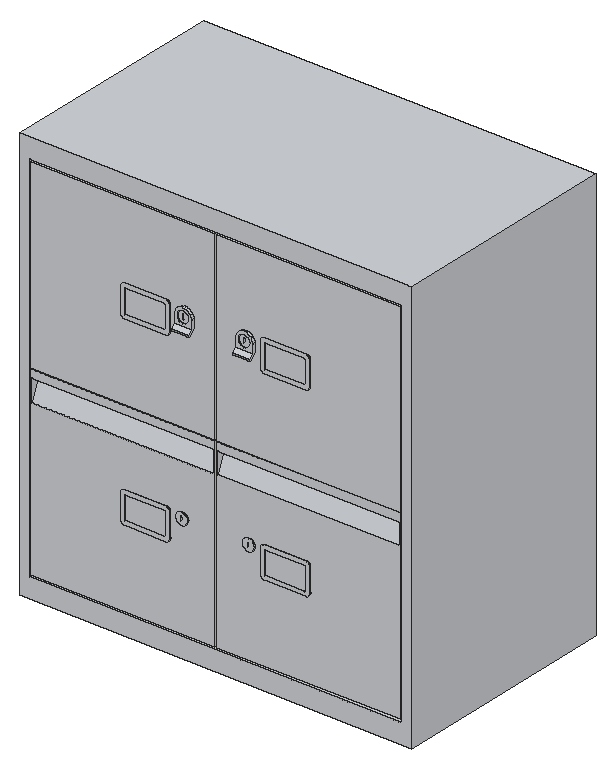
Revit family "Lodges 800 wide", category Furniture, Revit 2018
Family settings
  OmniClass Number = 23.40.20.00
  OmniClass Title = General Furniture and Specialties
  Work Plane-Based = No
  Always vertical = Yes
  Cut with Voids When Loaded = No
  Shared = No
  Room Calculation Point = No
Parameters (values of type "L0824SABXSPXP")
  Width = 800 mm  # constant formula
  Weight = ""
  Warranty = "10 years from date of purchase"  # constant formula
  Uniclass2015Version = "V1.1"  # constant formula
  Uniclass2015Title = "78 - Shelves and Storage Units"  # constant formula
  Uniclass 2015 Code = "PR_40_30_78_48"  # constant formula
  URL = "www.bisley.com"
  Training Requirements for Operational Use = "N/A"  # constant formula
  Top Panel Height = 40 mm
  Tollerance = 3 mm
  Routine Maintenance = "We recommend you clean your unit with worm water and mild dtergent solution. A damp cloth can be used to remove dust particles."  # constant formula
  Revision = ""
  Range = "Lateralfile Lodges"  # constant formula
  Product Information = ""
  Outer Panels Width = 20 mm
  NamePlate_Material = Plastic
  Model Reference = "L0824SABXSPXP"
  Model = Model Reference  # "L0824SABXSPXP"
  Mid gaps = 3 mm
  Material = "Steel"  # constant formula
  Manufacturer = "Bisley"  # constant formula
  Lock_Material = Steel AISI 4620
  Height = 845 mm
  Finish = "Powder Coated"  # constant formula
  Expected Life = "15 Years"  # constant formula
  Drawers = yes
  Drawer_Material = Steel, Mild
  Door_Material = Steel, Mild
  Door 9 = yes
  Door Height 3 = 377 mm
  Door Height 2 = 377 mm
  Door Height 1 = 377 mm
  Door 8 = no
  Door 7 = no
  Door 6 = no
  Door 5 = no
  Door 4 = no
  Door 3 = no
  Door 2 = no
  Door 10 = yes
  Door 1 = no
  Dimensions = "845 x 800 x 470mm"
  Depth = 470 mm
  D Door 4 = no
  D Door 3 = no
  D Door 2 = no
  D Door 1 = no
  Compliance Standards Certification = "BS EN 14073 2004 Part 2 & 3, BS EN 14074, BS 4875 1998 Part 7 level 4 & Part 8, BS 476 Part 7 1987 Class 2Y"  # constant formula
  Central Bar thickness = 22 mm  # constant formula
  Central Bar Width = 20 mm  # constant formula
  Central BAr = 3 mm  # constant formula
  Category = "Lateralfile Lodges"  # constant formula
  Carcass_Material = Steel, Mild
  Bottom Gap = 5 mm
  Base Panel Height = 40 mm
  Bar 3 = no
  Bar 2 = no
  Bar 1 = no
  Bar 0 = yes
  Author = "Bisley"  # constant formula
Types (14, lengths in mm): name | URL | Top Panel Height | Tollerance | Model Reference | Model | Height | Drawers | Door 9 | Door 8 | Door 7 | Door 6 | Door 5 | Door 4 | Door 3 | Door 2 | Door 10 | Door 1 | Dimensions | D Door 4 | D Door 3 | D Door 2 | D Door 1 | Bottom Gap | Base Panel Height | Bar 3 | Bar 2 | Bar 1 | Bar 0
  (no name) | "www.bisley.com" | 40 | 3 | "L0824SABXSPXP" | "L0824SABXSPXP" | 845 | yes | yes | no | no | no | no | no | no | no | yes | no | "845 x 800 x 470mm" | no | no | no | no | 5 | 40 | no | no | no | yes
  L0824SABX2SXP | "www.bisley.com" | 35 | 3 | "L0824ABX2SXP" | "L0824ABX2SXP" | 845 | no | yes | no | no | no | no | no | no | yes | yes | yes | "845 x 800 x 470mm" | no | no | no | no | 5 | 40 | no | no | no | yes
  L0836SABX3SXP | "www.bisley.com" | 40 | 2 | "L0836SABX3SXP" | "L0836SABX3SXP" | 1225 | no | yes | no | no | no | no | yes | yes | yes | yes | yes | "1225 x 800 x 470mm" | no | no | no | no | 3 | 40 | no | no | yes | yes
  L0848SABX4SXP | "www.bisley.com" | 40 | 2 | "L0848SABX4SXP" | "L0848SABX4SXP" | 1605 | no | yes | no | no | yes | yes | yes | yes | yes | yes | yes | "1605 x 800 x 470mm" | no | no | no | no | 2 | 45 | no | yes | yes | yes
  L0861SABX5SXP | "www.bisley.com" | 40 | 2 | "L0861SABX5SXP" | "L0861SABX5SXP" | 1985 | no | yes | yes | yes | yes | yes | yes | yes | yes | yes | yes | "1985 x 800 x 470" | no | no | no | no | 3 | 40 | yes | yes | yes | yes
  L0824SABXDXP | "www.bisley.com" | 40 | 3 | "L0824SABXDXP" | "L0824SABXDXP" | 845 | no | no | no | no | no | no | no | no | no | no | no | "845 x 800 x 470mm" | no | no | yes | yes | 5 | 40 | no | no | no | no
  L0836SABXSDXP | "WWW.bisley.com" | 40 | 2 | "L0836SABXSDXP" | "L0836SABXSDXP" | 1225 | no | yes | no | no | no | no | no | no | no | yes | no | "1225 x 800 x 470mm" | no | no | yes | yes | 3 | 40 | no | no | yes | no
  L0848SABX2SDXP | "www.bisley.com" | 40 | 2 | "L0848SABX2SDXP" | "L0848SABX2SDXP" | 1605 | no | yes | no | no | yes | yes | no | no | no | yes | no | "1605 x 800 x 470mm" | no | no | yes | yes | 2 | 45 | no | yes | yes | no
  L0861SABX3SDXP | "www.bisley.com" | 40 | 2 | "L0861SABX3SDXP" | "L0861SABX3SDXP" | 1985 | no | yes | yes | yes | yes | yes | no | no | no | yes | no | "1985 x 800 x 470mm" | no | no | yes | yes | 3 | 40 | yes | yes | yes | no
  L0861SABXD3SXP | "www.bisley.com" | 40 | 2 | "L0861SABXD3SXP" | "L0861SABXD3SXP" | 1985 | no | no | no | no | yes | yes | yes | yes | yes | no | yes | "1985 x 800 x 470" | yes | yes | no | no | 3 | 40 | no | yes | yes | yes
  L0861SABX4SPXP | "www.bisley.com" | 40 | 2 | "L0861SABX4SPXP" | "L0861SABX4SPXP" | 1985 | yes | yes | yes | yes | yes | yes | yes | yes | no | yes | no | "1985 x 800 x 470mm" | no | no | no | no | 3 | 40 | yes | yes | yes | yes
  L0848SABX3PXP | "www.bisley.com" | 40 | 2 | "L0848SABX3PXP" | "L0848SABX3PXP" | 1605 | yes | yes | no | no | yes | yes | yes | yes | no | yes | no | "1605 x 800 x 470mm" | no | no | no | no | 2 | 45 | no | yes | yes | yes
  L0836SABX2SPXP | "www.bisley.com" | 40 | 2 | "L0836SABX2SPXP" | "L0836SABX2SPXP" | 1225 | yes | yes | no | no | no | no | yes | yes | no | yes | no | "1225 x 800 x 470mm" | no | no | no | no | 3 | 40 | no | no | yes | yes
  L0824SABXSPXP | "www.bisley.com" | 40 | 3 | "L0824SABXSPXP" | "L0824SABXSPXP" | 845 | yes | yes | no | no | no | no | no | no | no | yes | no | "845 x 800 x 470mm" | no | no | no | no | 5 | 40 | no | no | no | yes
Reference planes
  plane 1 "Center (Front/Back)": y = 0
  plane 2: z = 0
  plane 3 "Center (Left/Right)": x = 0
  plane 4: x = 800
  plane 5: y = -470
  plane 6: x = 400
  plane 7: y = -235
  plane 8 "Top": z = 845
  plane 9: x = 20
  plane 10: x = 780
  plane 11: z = 40
  plane 12: z = 805
  plane 13: y = -20
  plane 14: z = 45
  plane 15: x = 23
  plane 16: z = 800
  plane 17: x = 777
  plane 18: z = 422
  plane 19: z = 425
  plane 20: z = 802
  plane 21: z = 805
  plane 22: z = 1182
  plane 23: z = 1185
  plane 24: x = 390
  plane 25: x = 410
  plane 26: y = -447
  plane 27: z = 428
  plane 28: z = 406
  plane 29: z = 808
  plane 30: z = 786
  plane 31: z = 1188
  plane 32: z = 1166
  plane 33: z = 1570
  plane 34: z = 1548
  plane 35: z = 404
Forms (mm)
  Extrusion 1, solid
    sketch origin (0, 0, 0) x (1, 0, 0) y (0, 1, 0)
      loop
        line (20, -20) -> (20, -470) -> (780, -470) -> (780, -20) -> (20, -20)
    from 0 to 40
  Extrusion 2, solid
    sketch origin (0, 0, 0) x (1, 0, 0) y (0, 0, 1)
      loop
        line (0, 0) -> (20, 0) -> (20, 805) -> (0, 805) -> (0, 0)
    from 20 to 470
  Extrusion 3, solid
    sketch origin (0, 0, 0) x (1, 0, 0) y (0, 0, 1)
      loop
        line (0, 845) -> (0, 805) -> (800, 805) -> (800, 845) -> (0, 845)
    from 20 to 470
  Extrusion 4, solid
    sketch origin (0, 0, 0) x (1, 0, 0) y (0, 0, 1)
      loop
        line (780, 805) -> (780, 0) -> (800, 0) -> (800, 805) -> (780, 805)
    from 20 to 470
  Extrusion 5, solid
    sketch origin (0, 0, 0) x (1, 0, 0) y (0, 1, 0)
      loop
        line (0, 0) -> (0, -20) -> (800, -20) -> (800, 0) -> (0, 0)
    from 0 to 845
  Extrusion 6, solid
    sketch origin (0, 0, 0) x (1, 0, 0) y (0, 0, 1)
      loop
        line (390, 805) -> (390, 40) -> (410, 40) -> (410, 805) -> (390, 805)
    from 20 to 447
  Extrusion 7, solid, visible <- "Bar 0"
    sketch origin (0, 0, 0) x (1, 0, 0) y (0, 0, 1)
      loop
        line (20, 428) -> (20, 406) -> (390, 406) -> (390, 428) -> (20, 428)
    from 20 to 447
  Extrusion 8, solid, visible <- "Bar 1"
    sketch origin (0, 0, 0) x (1, 0, 0) y (0, 0, 1)
      loop
        line (20, 808) -> (20, 786) -> (390, 786) -> (390, 808) -> (20, 808)
    from 0 to 250
  Extrusion 9, solid, visible <- "Bar 2"
    sketch origin (0, 0, 0) x (1, 0, 0) y (0, 0, 1)
      loop
        line (20, 1188) -> (20, 1166) -> (390, 1166) -> (390, 1188) -> (20, 1188)
    from 0 to 250
  Extrusion 10, solid, visible <- "Bar 3"
    sketch origin (0, 0, 395) x (1, 0, 0) y (0, 0, 1)
      loop
        line (20, 1175) -> (20, 1153) -> (390, 1153) -> (390, 1175) -> (20, 1175)
    from 0 to 250
  Extrusion 11, solid, visible <- "Bar 1"
    sketch origin (396.548, 0, 0) x (1, 0, 0) y (0, 0, 1)
      loop
        line (13.452, 808) -> (13.452, 786) -> (383.452, 786) -> (383.452, 808) -> (13.452, 808)
    from 0 to 250
  Extrusion 12, solid, visible <- "Bar 0"
    sketch origin (370, 0, 0) x (1, 0, 0) y (0, 0, 1)
      loop
        line (40, 428) -> (40, 404) -> (410, 404) -> (410, 428) -> (40, 428)
    from 20 to 447
  Extrusion 13, solid, visible <- "Bar 2"
    sketch origin (390, 0, 0) x (1, 0, 0) y (0, 0, 1)
      loop
        line (20, 1188) -> (20, 1166) -> (390, 1166) -> (390, 1188) -> (20, 1188)
    from 0 to 250
  Extrusion 14, solid, visible <- "Bar 3"
    sketch origin (390, 0, 395) x (1, 0, 0) y (0, 0, 1)
      loop
        line (20, 1175) -> (20, 1153) -> (390, 1153) -> (390, 1175) -> (20, 1175)
    from 0 to 250
Cuts and joins
  joined: Extrusion 1, Extrusion 2, Extrusion 3, Extrusion 4, Extrusion 5
Dimensions and locks
  equal spacing: plane 5, plane 7, plane 1 "Center (Front/Back)"
  "Depth": plane 1 "Center (Front/Back)" to plane 5
  equal spacing: plane 3 "Center (Left/Right)", plane 6, plane 4
  "Width": plane 3 "Center (Left/Right)" to plane 4
  "Height": plane 8 "Top" to level
  "Outer Panels Width": plane 9 to plane 3 "Center (Left/Right)"
  "Outer Panels Width": plane 4 to plane 10
  "Base Panel Height": plane 11 to level
  "Top Panel Height": plane 8 "Top" to plane 12
  Extrusion 2 sketch curve to Extrusion 2 sketch curve = 805 mm
  "Tollerance": plane 15 to plane 9
  "Bottom Gap": plane 12 to plane 16
  "Tollerance": plane 10 to plane 17
  "Door Height 1": plane 18 to plane 14
  "Bottom Gap": plane 14 to plane 11
  "Mid gaps": plane 19 to plane 18
  "Mid gaps": plane 21 to plane 20
  "Mid gaps": plane 23 to plane 22
  "Door Height 3": plane 22 to plane 21
  "Door Height 2": plane 20 to plane 19
  equal spacing: plane 25, plane 6, plane 24
  "Central Bar Width": plane 25 to plane 24
  locked: plane 26 to plane 5 at 23
  "Central BAr": plane 27 to plane 19
  "Central Bar thickness": plane 27 to plane 28
  "Central BAr": plane 31 to plane 23
  "Central Bar thickness": plane 31 to plane 32
  "Central BAr": plane 29 to plane 21
  "Central Bar thickness": plane 29 to plane 30
  locked: plane 33 to plane 31 at 382
  locked: plane 33 to plane 34 at 22
  aligned and locked: level to plane 2
  aligned and locked: plane 5 to Extrusion 1 sketch curve
  aligned and locked: Extrusion 2 sketch curve to level
  aligned and locked: Extrusion 2 sketch curve to plane 3 "Center (Left/Right)"
  aligned and locked: plane 9 to Extrusion 2 sketch curve
  aligned and locked: plane 12 to Extrusion 2
  aligned and locked: Extrusion 3 sketch curve to plane 8 "Top"
  aligned and locked: plane 3 "Center (Left/Right)" to Extrusion 3 sketch curve
  aligned and locked: plane 12 to Extrusion 3 sketch curve
  aligned and locked: Extrusion 3 sketch curve to plane 4
  aligned and locked: Extrusion 4 sketch curve to plane 12
  aligned and locked: plane 10 to Extrusion 4 sketch curve
  aligned and locked: level to Extrusion 4 sketch curve
  aligned and locked: Extrusion 4 sketch curve to plane 4
  aligned and locked: Extrusion 2 to plane 5
  aligned and locked: Extrusion 4 to plane 5
  aligned and locked: Extrusion 2 to Extrusion 1
  aligned and locked: Extrusion 3 to plane 5
  aligned and locked: Extrusion 3 to Extrusion 2
  aligned and locked: plane 8 "Top" to Extrusion 3
  aligned and locked: Extrusion 4 to Extrusion 2
  aligned and locked: plane 1 "Center (Front/Back)" to Extrusion 5 sketch curve
  aligned and locked: plane 3 "Center (Left/Right)" to Extrusion 5 sketch curve
  aligned and locked: plane 8 "Top" to Extrusion 5
  aligned and locked: plane 11 to cut or joined group of Extrusion 1, Extrusion 2, Extrusion 3, Extrusion 4, Extrusion 5
  aligned and locked: nested 1 to plane 5
  aligned and locked: nested 2 to plane 5
  aligned and locked: nested 1 to plane 14
  aligned and locked: nested 1 to plane 15
  aligned and locked: nested 3 to plane 19
  aligned and locked: nested 3 to plane 15
  aligned and locked: nested 4 to plane 19
  aligned and locked: plane 17 to nested 4
  aligned and locked: nested 5 to plane 14
  aligned and locked: nested 5 to plane 15
  aligned and locked: nested 6 to plane 14
  aligned and locked: plane 17 to nested 6
  aligned and locked: plane 21 to nested 7
  aligned and locked: nested 7 to plane 15
  aligned and locked: plane 21 to nested 8
  aligned and locked: plane 17 to nested 8
  aligned and locked: plane 23 to nested 9
  aligned and locked: nested 9 to plane 15
  aligned and locked: plane 23 to nested 10
  aligned and locked: plane 17 to nested 10
  aligned and locked: nested 11 to plane 15
  aligned and locked: plane 16 to nested 11
  aligned and locked: plane 16 to nested 12
  aligned and locked: plane 17 to nested 12
  aligned and locked: nested 9 to plane 5
  aligned and locked: nested 7 to plane 5
  aligned and locked: nested 3 to plane 5
  aligned and locked: nested 5 to plane 5
  aligned and locked: nested 10 to plane 5
  aligned and locked: nested 8 to plane 5
  aligned and locked: nested 4 to plane 5
  aligned and locked: nested 6 to plane 5
  aligned and locked: nested 11 to plane 5
  aligned and locked: nested 12 to plane 5
  aligned and locked: nested 13 to plane 14
  aligned and locked: nested 13 to plane 15
  aligned and locked: nested 14 to plane 14
  aligned and locked: plane 17 to nested 14
  aligned and locked: plane 16 to nested 15
  aligned and locked: nested 15 to plane 15
  aligned and locked: plane 17 to nested 16
  aligned and locked: plane 16 to nested 16
  aligned and locked: Extrusion 6 sketch curve to plane 24
  aligned and locked: plane 11 to Extrusion 6 sketch curve
  aligned and locked: Extrusion 6 sketch curve to plane 12
  aligned and locked: plane 25 to Extrusion 6 sketch curve
  aligned and locked: plane 13 to Extrusion 6
  aligned and locked: Extrusion 6 to plane 26
  aligned and locked: plane 27 to Extrusion 7 sketch curve
  aligned and locked: plane 9 to Extrusion 7 sketch curve
  aligned and locked: plane 28 to Extrusion 7 sketch curve
  aligned and locked: Extrusion 8 sketch curve to plane 29
  aligned and locked: plane 9 to Extrusion 8 sketch curve
  aligned and locked: Extrusion 8 sketch curve to plane 30
  aligned and locked: Extrusion 9 sketch curve to plane 31
  aligned and locked: plane 9 to Extrusion 9 sketch curve
  aligned and locked: Extrusion 9 sketch curve to plane 32
  aligned and locked: plane 33 to Extrusion 10
  aligned and locked: Extrusion 10 to plane 34
  aligned and locked: Extrusion 8 to Extrusion 6
  aligned and locked: Extrusion 11 to Extrusion 6
  aligned and locked: plane 10 to Extrusion 11
  aligned and locked: Extrusion 7 to Extrusion 6
  aligned and locked: plane 35 to Extrusion 12 sketch curve
  aligned and locked: Extrusion 12 to Extrusion 6
  aligned and locked: plane 10 to Extrusion 12
  aligned and locked: Extrusion 12 to plane 27
  aligned and locked: plane 30 to Extrusion 11
  aligned and locked: plane 29 to Extrusion 11
  aligned and locked: Extrusion 6 to Extrusion 9
  aligned and locked: plane 10 to Extrusion 13
  aligned and locked: plane 31 to Extrusion 13
  aligned and locked: plane 32 to Extrusion 13
  aligned and locked: Extrusion 13 to Extrusion 6
  aligned and locked: Extrusion 6 to Extrusion 10
  aligned and locked: Extrusion 10 to plane 9
  aligned and locked: plane 10 to Extrusion 14
  aligned and locked: Extrusion 14 to plane 34
  aligned and locked: plane 33 to Extrusion 14
  aligned and locked: Extrusion 14 to Extrusion 6
  aligned and locked: nested 2 to plane 14
  aligned and locked: plane 17 to nested 2
Automatic sketch dimensions
  Extrusion 1 sketch curve to plane 9 = 0 mm
  Extrusion 1 sketch curve to plane 10 = 0 mm
  Extrusion 1 sketch curve to plane 13 = 0 mm
  Extrusion 8 sketch curve to plane 6 = 10 mm
  Extrusion 9 sketch curve to plane 6 = 10 mm
  Extrusion 10 sketch curve to plane 9 = 0 mm
  Extrusion 10 sketch curve to plane 34 = 0 mm
  Extrusion 10 sketch curve to plane 33 = 0 mm
  Extrusion 10 sketch curve to plane 6 = 10 mm
  Extrusion 11 sketch curve to plane 30 = 0 mm
  Extrusion 11 sketch curve to plane 29 = 0 mm
  Extrusion 11 sketch curve to plane 10 = 0 mm
  plane 6 to Extrusion 11 sketch curve = 10 mm
  Extrusion 12 sketch curve to plane 27 = 0 mm
  Extrusion 12 sketch curve to plane 10 = 0 mm
  plane 6 to Extrusion 12 sketch curve = 10 mm
  Extrusion 13 sketch curve to plane 32 = 0 mm
  Extrusion 13 sketch curve to plane 31 = 0 mm
  Extrusion 13 sketch curve to plane 10 = 0 mm
  plane 6 to Extrusion 13 sketch curve = 10 mm
  Extrusion 14 sketch curve to plane 34 = 0 mm
  Extrusion 14 sketch curve to plane 33 = 0 mm
  Extrusion 14 sketch curve to plane 10 = 0 mm
  plane 6 to Extrusion 14 sketch curve = 10 mm
  Extrusion 7 sketch curve to plane 6 = 10 mm
  Extrusion 5 sketch curve to plane 4 = 0 mm
  Extrusion 5 sketch curve to plane 13 = 0 mm
Nested families
  nested 1: "800 Lodge Drawer" at (23, -450, 45), visible <- "Drawers", type "Left Single"
  nested 2: "800 Lodge Drawer" at (402, -450, 45), visible <- "Drawers", type "Right Single"
  nested 3: "800 Lodge Door" at (23, -450, 425), visible <- "Door 3", type "Left Single"
  nested 4: "800 Lodge Door" at (402, -450, 425), visible <- "Door 4", type "Right Single"
  nested 5: "800 Lodge Door" at (23, -450, 45), visible <- "Door 1", type "Left Single"
  nested 6: "800 Lodge Door" at (402, -450, 45), visible <- "Door 2", type "Right Single"
  nested 7: "800 Lodge Door" at (23, -450, 805), visible <- "Door 5", type "Left Single"
  nested 8: "800 Lodge Door" at (402, -450, 805), visible <- "Door 6", type "Right Single"
  nested 9: "800 Lodge Door" at (23, -450, 1185), visible <- "Door 7", type "Left Single"
  nested 10: "800 Lodge Door" at (402, -450, 1185), visible <- "Door 8", type "Right Single"
  nested 11: "800 Lodge Door" at (23, -450, 423), visible <- "Door 9", type "Left Single"
  nested 12: "800 Lodge Door" at (402, -450, 423), visible <- "Door 10", type "Right Single"
  nested 13: "800 Lodge Door" at (23, -450, 45), visible <- "D Door 1", type "Left Double"
  nested 14: "800 Lodge Door" at (402, -450, 45), visible <- "D Door 2", type "Right Double"
  nested 15: "800 Lodge Door" at (23, -450, 42), visible <- "D Door 3", type "Left Double"
  nested 16: "800 Lodge Door" at (402, -450, 42), visible <- "D Door 4", type "Right Double"
Definition of nested family "800 Lodge Drawer"
  Parameters (values of type "Left Single")
    wIDTH = 375 mm
    lock to edge = 43 mm
    Right Door = no
    Metal Thickness = 2.01 mm
    Lock to Letter Holder = 13 mm
    Left Door = yes
    Height = 377 mm
    Depth = 20 mm
  Types (3, lengths in mm): name | Right Door | Left Door
    (no name) | no | yes
    Right Single | yes | no
    Left Single | no | yes
  Reference planes
    plane 1 "Center (Front/Back)": y = 0
    plane 2: z = 0
    plane 3 "Center (Left/Right)": x = 0
    plane 4: y = -20
    plane 5: x = 375
    plane 6: y = -10
    plane 7: x = 187.5
    plane 8: z = 377
    plane 9: x = 43
    plane 10: z = 188.5
    plane 11: z = 223.5
    plane 12: x = 91
    plane 13: x = 78
    plane 14: z = 361
    plane 15: z = 316
    plane 16: y = -2.01
    plane 17: z = 374.99
    plane 18: y = -17.99
    plane 19: x = 2.01
    plane 20: x = 372.99
  Forms (mm)
    Extrusion 1, solid
      sketch origin (0, 0, 0) x (1, 0, 0) y (0, 1, 0)
        loop
          line (0, 0) -> (0, -20) -> (375, -20) -> (375, 0) -> (0, 0)
      from 0 to 377
    Extrusion 2, void
      sketch origin (0, 0, 0) x (0, 1, 0) y (0, 0, 1)
        loop
          line (-20, 316) -> (-2.01, 361) -> (-2.01, 374.99) -> (-17.99, 374.99) -> (-17.99, 361) -> (-22.99, 361) -> (-22.99, 316) -> (-20, 316)
      from 2.01 to 372.99
    Extrusion 3, solid, visible <- "Right Door"
      sketch origin (0, 0, 0) x (1, 0, 0) y (0, 0, 1)
        loop
          circle (66, 211.5) r 12
        loop
          line (64.536, 215.716) -> (64.536, 206.716) -> (67.338, 206.716) -> (67.338, 215.716) -> (64.536, 215.716)
      from 20 to 21.5
    Extrusion 4, solid, visible <- "Left Door"
      sketch origin (475, 0, 0) x (-1, 0, 0) y (0, 0, -1)
        loop
          circle (166, -211.5) r 12
        loop
          line (164.536, -215.716) -> (167.338, -215.716) -> (167.338, -206.716) -> (164.536, -206.716) -> (164.536, -215.716)
      from 20 to 21.5
  Cuts and joins
    Extrusion 2 cuts Extrusion 1
  Dimensions and locks
    equal spacing: plane 4, plane 6, plane 1 "Center (Front/Back)"
    "Depth": plane 4 to plane 1 "Center (Front/Back)"
    equal spacing: plane 3 "Center (Left/Right)", plane 7, plane 5
    "wIDTH": plane 3 "Center (Left/Right)" to plane 5
    plane 5 to plane 3 "Center (Left/Right)" = 375 mm
    "Height": plane 8 to level
    plane 3 "Center (Left/Right)" to plane 9 = 43 mm
    "lock to edge": plane 9 to plane 3 "Center (Left/Right)"
    locked: plane 13 to plane 9 at 35
    "Lock to Letter Holder": plane 12 to plane 13
    locked: plane 8 to plane 10 at 188.5
    locked: plane 11 to plane 10 at 35
    locked: plane 8 to plane 14 at 16
    locked: plane 8 to plane 15 at 61
    "Metal Thickness": plane 1 "Center (Front/Back)" to plane 16
    "Metal Thickness": plane 8 to plane 17
    "Metal Thickness": plane 18 to plane 4
    "Metal Thickness": plane 19 to plane 3 "Center (Left/Right)"
    "Metal Thickness": plane 5 to plane 20
    diameter of Extrusion 3 sketch curve = 24 mm
    diameter of Extrusion 4 sketch curve = 24 mm
    aligned and locked: level to plane 2
    aligned and locked: plane 1 "Center (Front/Back)" to Extrusion 1 sketch curve
    aligned and locked: plane 3 "Center (Left/Right)" to Extrusion 1 sketch curve
    aligned and locked: plane 4 to Extrusion 1 sketch curve
    aligned and locked: Extrusion 1 sketch curve to plane 5
    aligned and locked: plane 8 to Extrusion 1
    aligned and locked: Extrusion 1 to level
    aligned and locked: plane 11 to nested 1
    aligned and locked: nested 1 to plane 12
    aligned and locked: plane 16 to Extrusion 2 sketch curve
    aligned and locked: Extrusion 2 sketch curve to plane 17
    aligned and locked: Extrusion 2 sketch curve to plane 18
    aligned and locked: Extrusion 2 sketch curve to plane 14
    aligned and locked: Extrusion 2 to plane 15
    aligned and locked: plane 20 to Extrusion 2
    aligned and locked: Extrusion 2 to plane 19
    aligned and locked: plane 17 to Extrusion 2
    aligned and locked: Extrusion 3 to nested 1
  Automatic sketch dimensions
    Extrusion 2 sketch curve to plane 15 = 0 mm
    Extrusion 2 sketch curve to plane 4 = 0 mm
    Extrusion 2 sketch curve to plane 14 = 0 mm
    Extrusion 2 sketch curve to plane 4 = 2.99 mm
    Extrusion 3 sketch curve to plane 13 = 13.464 mm
    Extrusion 3 sketch curve to Extrusion 3 sketch curve = 1.464 mm
    Extrusion 3 sketch curve to Extrusion 3 sketch curve = 2.802 mm
    Extrusion 3 sketch curve to plane 11 = 16.784 mm
    Extrusion 3 sketch curve to Extrusion 3 sketch curve = 4.784 mm
    Extrusion 3 sketch curve to Extrusion 3 sketch curve = 4.216 mm
    plane 11 to Extrusion 4 sketch curve = 7.784 mm
    plane 20 to Extrusion 4 sketch curve = 62.525 mm
    Extrusion 4 sketch curve to Extrusion 4 sketch curve = 1.464 mm
    Extrusion 4 sketch curve to Extrusion 4 sketch curve = 2.802 mm
    Extrusion 4 sketch curve to Extrusion 4 sketch curve = 4.216 mm
    Extrusion 4 sketch curve to Extrusion 4 sketch curve = 4.784 mm
  Nested families
    nested 1: "CB6" at (141, -20, 158.5), visible <- "Right Door", type "CB6"
    nested 2: "CB6" at (234, -20, 158.5) x (-1, 0, 0) z (0, 0, 1), visible <- "Left Door", type "CB6"
  Definition of nested family "CB6"
    Parameters (values of type "CB6")
      thickness = 8 mm
      Width = 100 mm
      Height = 65 mm
      Deoth = 3 mm
    Reference planes
      plane 1 "Center (Front/Back)": y = 0
      plane 2: z = 0
      plane 3 "Center (Left/Right)": x = 0
      plane 4: x = -50
      plane 5: y = -1.5
      plane 6: x = 50
      plane 7: y = 1.5
      plane 8: z = 65
      plane 9: x = -42
      plane 10: z = 8
      plane 11: x = 42
      plane 12: z = 57
    Forms (mm)
      Extrusion 1, solid
        sketch origin (0, 0, 0) x (1, 0, 0) y (0, 0, 1)
          loop
            arc (-42, 65) -> (-47.657, 62.657) -> (-50, 57) r 8
            line (-50, 57) -> (-50, 8)
            arc (-50, 8) -> (-47.657, 2.343) -> (-42, 0) r 8
            line (-42, 0) -> (42, 0)
            arc (42, 0) -> (47.657, 2.343) -> (50, 8) r 8
            line (50, 8) -> (50, 57)
            arc (50, 57) -> (47.657, 62.657) -> (42, 65) r 8
            line (42, 65) -> (-42, 65)
          loop
            arc (40, 8) -> (41.414, 8.586) -> (42, 10) r 2
            line (42, 10) -> (42, 55)
            arc (42, 55) -> (41.414, 56.414) -> (40, 57) r 2
            line (40, 57) -> (-40, 57)
            arc (-40, 57) -> (-41.414, 56.414) -> (-42, 55) r 2
            line (-42, 55) -> (-42, 10)
            arc (-42, 10) -> (-41.414, 8.586) -> (-40, 8) r 2
            line (-40, 8) -> (40, 8)
        from -1.5 to 1.5
    Dimensions and locks
      equal spacing: plane 4, plane 3 "Center (Left/Right)", plane 6
      "Width": plane 4 to plane 6
      equal spacing: plane 7, plane 1 "Center (Front/Back)", plane 5
      "Deoth": plane 7 to plane 5
      "Height": plane 8 to level
      "thickness": plane 9 to plane 4
      "thickness": plane 8 to plane 12
      "thickness": plane 10 to level
      "thickness": plane 6 to plane 11
      aligned and locked: level to plane 2
      aligned and locked: Extrusion 1 sketch curve to plane 8
      aligned and locked: plane 4 to Extrusion 1 sketch curve
      aligned and locked: plane 2 to Extrusion 1 sketch curve
      aligned and locked: Extrusion 1 sketch curve to plane 6
      aligned and locked: plane 10 to Extrusion 1 sketch curve
      aligned and locked: Extrusion 1 sketch curve to plane 11
      aligned and locked: Extrusion 1 sketch curve to plane 12
      aligned and locked: plane 9 to Extrusion 1 sketch curve
      aligned and locked: Extrusion 1 to plane 7
      aligned and locked: Extrusion 1 to plane 5
    Automatic sketch dimensions
      Extrusion 1 sketch curve to plane 9 = 0 mm
      plane 9 to Extrusion 1 sketch curve = 0 mm
      Extrusion 1 sketch curve to Extrusion 1 sketch curve = 2 mm
      plane 9 to Extrusion 1 sketch curve = 2 mm
      Extrusion 1 sketch curve to plane 11 = 2 mm  (x2)
      Extrusion 1 sketch curve to plane 11 = 0 mm
      plane 10 to Extrusion 1 sketch curve = 0 mm
Definition of nested family "800 Lodge Door"
  Parameters (values of type "Right Single")
    wIDTH = 375 mm
    lock to edge = 43 mm
    Right Door = yes
    Lock to Letter Holder = 13 mm
    Left Door = no
    Height = 377 mm
    Depth = 20 mm
  Types (5, lengths in mm): name | lock to edge | Right Door | Left Door | Height
    (no name) | 43 | yes | no | 377
    Right Single | 43 | yes | no | 377
    Right Double | 43 | yes | no | 758
    Left Double | 40 | no | yes | 758
    Left Single | 43 | no | yes | 377
  Reference planes
    plane 1 "Center (Front/Back)": y = 0
    plane 2: z = 0
    plane 3 "Center (Left/Right)": x = 0
    plane 4: y = -20
    plane 5: x = 375
    plane 6: y = -10
    plane 7: x = 187.5
    plane 8: z = 377
    plane 9: x = 43
    plane 10: z = 188.5
    plane 11: z = 223.5
    plane 12: x = 91
    plane 13: x = 78
  Forms (mm)
    Extrusion 1, solid
      sketch origin (0, 0, 0) x (1, 0, 0) y (0, 1, 0)
        loop
          line (0, 0) -> (0, -20) -> (375, -20) -> (375, 0) -> (0, 0)
      from 0 to 377
  Dimensions and locks
    equal spacing: plane 4, plane 6, plane 1 "Center (Front/Back)"
    "Depth": plane 4 to plane 1 "Center (Front/Back)"
    equal spacing: plane 3 "Center (Left/Right)", plane 7, plane 5
    "wIDTH": plane 3 "Center (Left/Right)" to plane 5
    plane 5 to plane 3 "Center (Left/Right)" = 375 mm
    "Height": plane 8 to level
    plane 3 "Center (Left/Right)" to plane 9 = 43 mm
    "lock to edge": plane 9 to plane 3 "Center (Left/Right)"
    locked: plane 13 to plane 9 at 35
    "Lock to Letter Holder": plane 12 to plane 13
    locked: plane 8 to plane 10 at 188.5
    locked: plane 11 to plane 10 at 35
    aligned and locked: level to plane 2
    aligned and locked: plane 1 "Center (Front/Back)" to Extrusion 1 sketch curve
    aligned and locked: plane 3 "Center (Left/Right)" to Extrusion 1 sketch curve
    aligned and locked: plane 4 to Extrusion 1 sketch curve
    aligned and locked: Extrusion 1 sketch curve to plane 5
    aligned and locked: plane 8 to Extrusion 1
    aligned and locked: Extrusion 1 to level
    aligned and locked: nested 1 to plane 4
    aligned and locked: plane 10 to nested 1
    aligned and locked: plane 11 to nested 2
    aligned and locked: plane 9 to nested 1
    aligned and locked: nested 2 to plane 12
    aligned and locked: nested 3 to plane 10
    aligned and locked: nested 4 to plane 11
  Nested families
    nested 1: "Lock" at (43, -20, 178.5), visible <- "Right Door", type "Lock"
    nested 2: "CB6" at (141, -20, 158.5), visible <- "Right Door", type "CB6"
    nested 3: "Lock" at (332, -20, 178.5) x (-1, 0, 0) z (0, 0, 1), visible <- "Left Door", type "Lock"
    nested 4: "CB6" at (234, -20, 158.5) x (-1, 0, 0) z (0, 0, 1), visible <- "Left Door", type "CB6"
  Definition of nested family "Lock"
    Parameters (values of type "Lock")
      bottom to bend = 10 mm
      Width = 35 mm
      Top to mid circle = 17.5 mm
      Height = 45 mm
      Depth = 5 mm
    Reference planes
      plane 1 "Center (Front/Back)": y = 0
      plane 2: z = 0
      plane 3 "Center (Left/Right)": x = 0
      plane 4: x = 35
      plane 5: y = -5
      plane 6: x = 17.5
      plane 7: y = -2.5
      plane 8: z = 45
      plane 9: z = 27.5
      plane 10: z = 10
      plane 11: through (0, 0, 10) normal (0, -0.7071, 0.7071)
      plane 12: through (0, -5, 10) normal (0, -0.7071, 0.7071)
      plane 13: through (0, 0, 10) normal (0, -0.7071, 0.7071)
      plane 14: through (0, -12.5, 2.5) normal (0, 0.7071, -0.7071)
    Forms (mm)
      Extrusion 1, solid
        sketch origin (0, 0, 0) x (1, 0, 0) y (0, 0, 1)
          loop
            line (0, 10) -> (35, 10) -> (35, 27.5)
            arc (35, 27.5) -> (17.5, 45) -> (0, 27.5) r 17.5
            line (0, 27.5) -> (0, 10)
        from 0 to 5
      Extrusion 2, solid
        sketch origin (0, 0, 0) x (0, 1, 0) y (0, 0, 1)
          loop
            line (0, 10) -> (-5, 10) -> (-12.5, 2.5)
            arc (-12.5, 2.5) -> (-12.5, 0) -> (-10, 0) r 1.768
            line (-10, 0) -> (0, 10)
        from 0 to 35
      Extrusion 3, void
        sketch origin (0, 0, 0) x (1, 0, 0) y (0, 0, 1)
          loop
            circle (17.5, 27.5) r 12.047
        from 4 to 5
      Extrusion 4, void
        sketch origin (0, 0, 0) x (1, 0, 0) y (0, 0, 1)
          loop
            line (16.126, 33.18) -> (16.126, 23.18) -> (18.854, 23.18) -> (18.854, 33.18) -> (16.126, 33.18)
        from 2.5 to 4
    Cuts and joins
      Extrusion 3, Extrusion 4 cuts Extrusion 1
      Extrusion 3, Extrusion 4 cuts Extrusion 2
      joined: Extrusion 1, Extrusion 2
    Dimensions and locks
      equal spacing: plane 3 "Center (Left/Right)", plane 6, plane 4
      "Width": plane 3 "Center (Left/Right)" to plane 4
      equal spacing: plane 5, plane 7, plane 1 "Center (Front/Back)"
      "Depth": plane 1 "Center (Front/Back)" to plane 5
      "Height": plane 8 to level
      "bottom to bend": plane 10 to level
      "Top to mid circle": plane 8 to plane 9
      aligned and locked: level to plane 2
      aligned and locked: Extrusion 1 to plane 5
      aligned and locked: Extrusion 1 to plane 1 "Center (Front/Back)"
      aligned and locked: plane 4 to Extrusion 1
      aligned and locked: Extrusion 1 to plane 3 "Center (Left/Right)"
      aligned and locked: Extrusion 1 to plane 10
      aligned and locked: plane 12 to Extrusion 2
      aligned and locked: Extrusion 2 to plane 11
      aligned and locked: plane 10 to Extrusion 2
      aligned and locked: plane 4 to Extrusion 2
      aligned and locked: Extrusion 2 to plane 3 "Center (Left/Right)"
      aligned and locked: Extrusion 3 to plane 5
      aligned and locked: Extrusion 4 to Extrusion 3
      aligned and locked: plane 7 to Extrusion 4
    Automatic sketch dimensions
      Extrusion 1 sketch curve to plane 3 "Center (Left/Right)" = 0 mm
      Extrusion 1 sketch curve to plane 6 = 0 mm
      Extrusion 1 sketch curve to plane 10 = 0 mm
      Extrusion 1 sketch curve to plane 9 = 0 mm  (x2)
      plane 12 to Extrusion 2 sketch curve = 0 mm
      Extrusion 2 sketch curve to plane 11 = 0 mm
      Extrusion 2 sketch curve to level = 0 mm
      Extrusion 2 sketch curve to plane 5 = 0 mm
      Extrusion 2 sketch curve to plane 1 "Center (Front/Back)" = 0 mm
      Extrusion 2 sketch curve to plane 10 = 0 mm
      level to Extrusion 2 sketch curve = 1.25 mm
      level to Extrusion 2 sketch curve = 2.5 mm
      Extrusion 3 sketch curve to plane 6 = 0 mm
      Extrusion 3 sketch curve to plane 9 = 0 mm
      Extrusion 4 sketch curve to plane 6 = 1.374 mm
      plane 6 to Extrusion 4 sketch curve = 1.354 mm
      Extrusion 4 sketch curve to plane 9 = 4.32 mm
      plane 9 to Extrusion 4 sketch curve = 5.68 mm
      radius of Extrusion 3 sketch curve = 12.047 mm
  Definition of nested family "CB6"
    Parameters (values of type "CB6")
      thickness = 8 mm
      Width = 100 mm
      Height = 65 mm
      Deoth = 3 mm
    Reference planes
      plane 1 "Center (Front/Back)": y = 0
      plane 2: z = 0
      plane 3 "Center (Left/Right)": x = 0
      plane 4: x = -50
      plane 5: y = -1.5
      plane 6: x = 50
      plane 7: y = 1.5
      plane 8: z = 65
      plane 9: x = -42
      plane 10: z = 8
      plane 11: x = 42
      plane 12: z = 57
    Forms (mm)
      Extrusion 1, solid
        sketch origin (0, 0, 0) x (1, 0, 0) y (0, 0, 1)
          loop
            arc (-42, 65) -> (-47.657, 62.657) -> (-50, 57) r 8
            line (-50, 57) -> (-50, 8)
            arc (-50, 8) -> (-47.657, 2.343) -> (-42, 0) r 8
            line (-42, 0) -> (42, 0)
            arc (42, 0) -> (47.657, 2.343) -> (50, 8) r 8
            line (50, 8) -> (50, 57)
            arc (50, 57) -> (47.657, 62.657) -> (42, 65) r 8
            line (42, 65) -> (-42, 65)
          loop
            arc (40, 8) -> (41.414, 8.586) -> (42, 10) r 2
            line (42, 10) -> (42, 55)
            arc (42, 55) -> (41.414, 56.414) -> (40, 57) r 2
            line (40, 57) -> (-40, 57)
            arc (-40, 57) -> (-41.414, 56.414) -> (-42, 55) r 2
            line (-42, 55) -> (-42, 10)
            arc (-42, 10) -> (-41.414, 8.586) -> (-40, 8) r 2
            line (-40, 8) -> (40, 8)
        from -1.5 to 1.5
    Dimensions and locks
      equal spacing: plane 4, plane 3 "Center (Left/Right)", plane 6
      "Width": plane 4 to plane 6
      equal spacing: plane 7, plane 1 "Center (Front/Back)", plane 5
      "Deoth": plane 7 to plane 5
      "Height": plane 8 to level
      "thickness": plane 9 to plane 4
      "thickness": plane 8 to plane 12
      "thickness": plane 10 to level
      "thickness": plane 6 to plane 11
      aligned and locked: level to plane 2
      aligned and locked: Extrusion 1 sketch curve to plane 8
      aligned and locked: plane 4 to Extrusion 1 sketch curve
      aligned and locked: plane 2 to Extrusion 1 sketch curve
      aligned and locked: Extrusion 1 sketch curve to plane 6
      aligned and locked: plane 10 to Extrusion 1 sketch curve
      aligned and locked: Extrusion 1 sketch curve to plane 11
      aligned and locked: Extrusion 1 sketch curve to plane 12
      aligned and locked: plane 9 to Extrusion 1 sketch curve
      aligned and locked: Extrusion 1 to plane 7
      aligned and locked: Extrusion 1 to plane 5
    Automatic sketch dimensions
      Extrusion 1 sketch curve to plane 9 = 0 mm
      plane 9 to Extrusion 1 sketch curve = 0 mm
      Extrusion 1 sketch curve to Extrusion 1 sketch curve = 2 mm
      plane 9 to Extrusion 1 sketch curve = 2 mm
      Extrusion 1 sketch curve to plane 11 = 2 mm  (x2)
      Extrusion 1 sketch curve to plane 11 = 0 mm
      plane 10 to Extrusion 1 sketch curve = 0 mm
